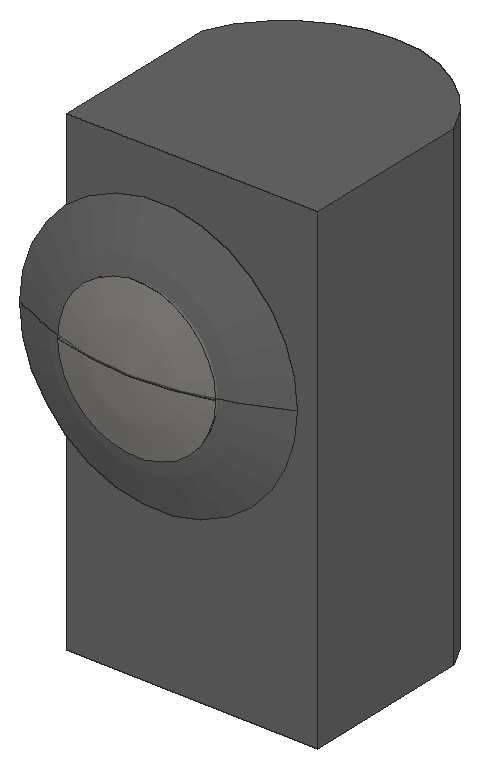
Revit family "SCP", category Communication Devices, host Face, Revit 2014
Parameters (values of type "SCP")
  URL = "https://www.hubbell.com/architecturalarealighting/en"
  Sensor Position = Length - 1.850"  # 3.900"
  Product Page URL = "https://www.hubbell.com/architecturalarealighting/en/Products/Lighting-Controls/Commercial-Outdoor-Lighting/Outdoor-Lighting-Accessories-Components/Sensor-Control-Programmable/p/249196"
  Product Documentation Link = "https://hubbellcdn.com/specsheet/aal_scp_spec.pdf"
  Photometric Web Link = "https://www.hubbell.com/architecturalarealighting/en/Products/Lighting-Controls/Commercial-Outdoor-Lighting/Wall-Mount/Mini-eSconce/p/220813#prod-photometry-section"
  Model = "Sensor Control Programmable – SCP "  # constant formula
  Manufacturer = "Architectural Area Lighting"  # constant formula
  Length = 5.750"
  IP Rating = "IP66"
  Height [instance] = 120.000"
  Glass = Hubbell-Glass
  Finish = Hubbell-Black
  Features = "CA Title 24 Solution\r\n• Motion Sensing up to 40' mounting height\r\n• Daylight Photo Control\r\n• 0-10V Control Signal\r\n1. MODEL\r\nStandard daylight photo-control with motion\r\nsensing coverage up to 40' sensor height.\r\nSCP 120-277 VAC\r\nSCP-HV3 347 VAC\r\nSCP-HV4 480 VAC\r\n2. POLE\r\nThe SCP may be ordered as an accessory to\r\na configured pole or in the case of a stand\r\nalone unit, the pole contour must be\r\ncommunicated to the factory.\r\nR3 fits a 3\" / 76.2 mm round pole\r\nR4 fits a 4\" / 101.6 mm round pole\r\nR5 fits a 5\" / 127 mm round pole\r\nS fits a square pole\r\nModel Pole Color Remote\r\nSPECIFICATIONS\r\n• 20KV/10KA Surge Protection\r\n• Hand Held Remote Adjustment\r\n• For Round or Square Straight Poles\r\n• AAL Poles include wire and mounting holes"
  Description = "AAL's Sensor Control Programmable (SCP) accessory enables dimmable pole mounted luminaires to meet CA Title 24 requirements. The SCP is field-adjustable for post installation tuning, and is compatible with straight round poles, straight square poles, and fluted poles."  # constant formula
  Default Elevation = 48.000"
  Create date = "07/01/2019"
  Copyright = "©Architectural Area Lighting a unit of Hubbell Lighting"  # constant formula
  Contact us = "https://www.hubbell.com/architecturalarealighting/en/contactUs"
  Certification = "All electrical components shall be U.L.\r\nrecognized"  # constant formula
  Assembly Code = "D5020280"
Types (2): name | Sensor Position | Length
  SCP | 3.900" | 5.750"
  SCP-HV3/SCP-HV4 | 9.150" | 11.000"
Reference planes (in)
  plane 1 "Center (Front/Back)": y = 0
  plane 2: z = 0
  plane 3 "Center (Left/Right)": x = 0
  plane 4: z = 3.9
  plane 5: x = -1.5
  plane 6: x = 1.5
  plane 7: y = -2
  plane 8: y = 2
  plane 9: z = 5.75
Forms (in)
  Extrusion 1, solid, material "Hubbell-Black" <- "Finish"
    sketch origin (0, 0, 0) x (1, 0, 0) y (0, 1, 0)
      loop
        line (-1.5, -1.03059) -> (1.5, -1.03059) -> (1.5, 1)
        arc (1.5, 1) -> (0, 2) -> (-1.5, 1) r 1.625
        line (-1.5, 1) -> (-1.5, -1.03059)
    from 0 to 5.75
  Blend 2, solid, material "Hubbell-Black" <- "Finish"
    base sketch origin (0, 0, 0) x (1, 0, 0) y (0, 0, 1)
      loop
        circle (0, 3.9) r 1.35
    top sketch origin (0, 0, 0) x (1, 0, 0) y (0, 0, 1)
      loop
        circle (0, 3.9) r 0.85
    from 1.45961 to 1.03059
  Extrusion 3, solid, material "Hubbell-Black" <- "Finish"
    sketch origin (0, 0, 0) x (1, 0, 0) y (0, 0, 1)
      loop
        circle (0, 3.9) r 1.5
    from 1.45961 to 1.56
  Revolve 4, solid, material "Hubbell-Black" <- "Finish"
    sketch origin (0, 0, 3.9) x (1, 0, 0) y (0, 1, 0)
      loop
        line (1.5, -1.5414) -> (0, -1.5414) -> (0, -2)
        arc (0, -2) -> (0.85348, -1.86179) -> (1.65652, -1.5414) r 3.95459
        line (1.65652, -1.5414) -> (1.5, -1.5414)
      axis (0, -1.5414) -> (0, -2)
    angle from 0 to 360
  Revolve 5, solid, material "Hubbell-Glass" <- "Glass"
    sketch origin (0, 0, 3.9) x (1, 0, 0) y (0, 1, 0)
      loop
        line (0.94675, -1.86104) -> (0.92875, -1.80211)
        arc (0.92875, -1.80211) -> (0.4715, -1.92437) -> (0, -1.96587) r 2.73173
        line (0, -1.96587) -> (0, -2.01)
        arc (0, -2.01) -> (0.47861, -1.96879) -> (0.94675, -1.86104) r 3.42627
      axis (0, -1.80211) -> (0, -2.01)
    angle from 0 to 360
Dimensions and locks (in)
  locked: host sketch curve to host sketch curve at 48  (x2)
  equal spacing: host sketch curve, plane 3 "Center (Left/Right)", host sketch curve
  equal spacing: host sketch curve, plane 1 "Center (Front/Back)", host sketch curve
  plane 3 "Center (Left/Right)" to host sketch curve = 24.000"
  plane 1 "Center (Front/Back)" to host sketch curve = 24.000"
  "Length": plane 9 to plane 2
  "Sensor Position": plane 4 to plane 2
  aligned and locked: plane 2 to host face
  aligned and locked: level to host face
  aligned and locked: plane 4 to Revolve 5  (x4)
  aligned and locked: plane 4 to Revolve 4  (x2)
  aligned and locked: plane 4 to Extrusion 3  (x2)
  aligned and locked: plane 4 to Blend 2  (x4)
  aligned and locked: plane 9 to Extrusion 1
Automatic sketch dimensions
  Extrusion 1 sketch curve to plane 5 = 0.000"
  Extrusion 1 sketch curve to plane 3 "Center (Left/Right)" = 0.000"
  Extrusion 1 sketch curve to plane 6 = 0.000"
  Extrusion 1 sketch curve to plane 7 = 0.96941"
  Extrusion 1 sketch curve to plane 1 "Center (Front/Back)" = 0.375"
  Extrusion 1 sketch curve to plane 1 "Center (Front/Back)" = 1.000"
  Blend 2 sketch curve to plane 3 "Center (Left/Right)" = 0.000"  (x2)
  Blend 2 sketch curve to plane 4 = 0.000"  (x2)
  Extrusion 3 sketch curve to plane 3 "Center (Left/Right)" = 0.000"
  Extrusion 3 sketch curve to plane 4 = 0.000"
  Revolve 4 sketch curve to plane 3 "Center (Left/Right)" = 0.000"  (x2)
  Revolve 4 sketch curve to plane 6 = 0.000"
  plane 7 to Revolve 4 sketch curve = 0.000"
  plane 8 to Revolve 4 sketch curve = 0.05055"
  Revolve 4 sketch curve to plane 3 "Center (Left/Right)" = 0.20164"
  plane 6 to Revolve 4 sketch curve = 0.15652"
  Revolve 4 sketch curve to Revolve 4 sketch curve = 2.500"
  Revolve 4 sketch curve to plane 8 = 1.500"
  Revolve 5 sketch curve to plane 3 "Center (Left/Right)" = 0.000"  (x2)
  Revolve 5 sketch curve to plane 3 "Center (Left/Right)" = 0.00286"
  Revolve 5 sketch curve to plane 3 "Center (Left/Right)" = 0.05392"
  Revolve 5 sketch curve to plane 7 = 0.19789"
  Revolve 5 sketch curve to plane 6 = 0.57125"
  Revolve 5 sketch curve to plane 7 = 0.13896"
  Revolve 5 sketch curve to Revolve 5 sketch curve = 0.018"
  Revolve 5 sketch curve to Revolve 5 sketch curve = 0.16376"
  Revolve 5 sketch curve to Revolve 5 sketch curve = 0.04413"
  Revolve 5 sketch curve to Revolve 5 sketch curve = 1.16573"
  Revolve 5 sketch curve to plane 8 = 0.250"
  radius of Blend 2 sketch curve = 1.350"
  radius of Blend 2 sketch curve = 0.850"
  radius of Extrusion 3 sketch curve = 1.500"
Connectors (in)
  electrical at (0, -0.0153, 5.75)
    settings: on Extrusion 1, index 1, voltage 0 V, apparent load 0 VA, apparent load phase1 0 VA, apparent load phase2 0 VA, apparent load phase3 0 VA, power factor 1, load classification "Other", number of poles 1, system type 14, power factor state 1, is connector primary yes, connector utility no, sub classification motor no, connector description "Sensor Control Programmable"
